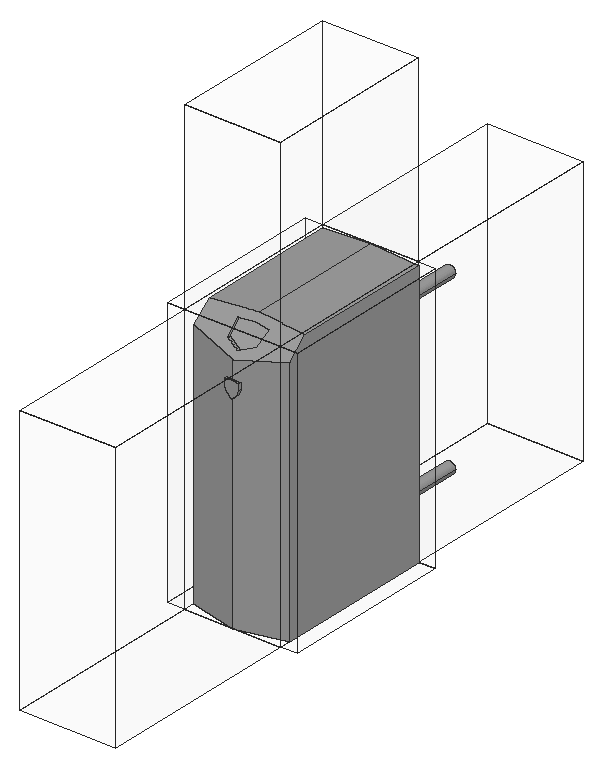
Revit family "Lectrus Boiler KEB0015-0150", category Mechanical Equipment, Revit 2019
Family settings
  Round Connector Dimension = Use Radius
  Part Type = Normal
  OmniClass Number = 23.65.35.11.17
  OmniClass Title = Thermodynamic Water Heaters
  Work Plane-Based = No
  Always vertical = Yes
  Cut with Voids When Loaded = No
  Shared = No
  Room Calculation Point = No
Parameters (values of type "KEB0015")
  Water Outlet Radius = 1"
  Water Inlet Radius = 1"
  WATER OUTLET SIZE = Water Outlet Radius * 2  # 2"
  WATER INLET SIZE = Water Inlet Radius * 2  # 2"
  Top Clearance = 32"
  SES BIM Studio # = "24 0649 01"
  Right Clearance = 3"
  M_Top of Box = 40 3/4"
  L_Drain Offset = 8 1/2"
  G_Water Outlet Height = 39 3/4"
  F_Water Outlet Offset = 3 1/4"
  Left Clearance = 3"
  J_Drain Height = 1 3/4"
  KW = "15"
  H_Water Inlet Height = 9"
  Front Clearance = 36"
  K_Water Inlet Offset = 3 1/4"
  Rear Clearance = 36"
  WIDTH = 16 3/4"
  URL = ""
  E_Box Depth = 6 1/4"
  Bottom of Box = 14"
  BTU/H HEATING = "51,180"
  600V-3PH MCA = "19"
  600V-3PH FLA = "15"
  480V-3PH MCA = "24"
  480V-3PH FLA = "19"
  240V-1PH MCA = "83"
  240V-1PH FLA = "66"
  Model = MODEL NO.  # "KEB0015"
  Manufacturer = "Lochinvar"
  MODEL NO. = "KEB0015"
  GALLON CAPACITY = "17"
  Clearance Visibility = yes
  D_Unit Depth = 30 1/4"
  HEIGHT = 47"
  Description = "Lectrus Commercial Electric Boiler"
  DEPTH = 41"
  Element Quantity = "1"
  208V-3PH MCA = "55"
  208V-3PH FLA = "44"
Types (11): name | M_Top of Box | L_Drain Offset | J_Drain Height | KW | K_Water Inlet Offset | WIDTH | BTU/H HEATING | 600V-3PH MCA | 600V-3PH FLA | 480V-3PH MCA | 480V-3PH FLA | 240V-1PH MCA | 240V-1PH FLA | Model | MODEL NO. | GALLON CAPACITY | D_Unit Depth | DEPTH | Element Quantity | 208V-3PH MCA | 208V-3PH FLA
  (no name) | 40 3/4" | 8 1/2" | 1 3/4" | "15" | 3 1/4" | 16 3/4" | "51,180" | "19" | "15" | "24" | "19" | "83" | "66" | "KEB0015" | "KEB0015" | "17" | 30 1/4" | 41" | "1" | "55" | "44"
  KEB0015 | 40 3/4" | 8 1/2" | 1 3/4" | "15" | 3 1/4" | 16 3/4" | "51,180" | "19" | "15" | "24" | "19" | "83" | "66" | "KEB0015" | "KEB0015" | "17" | 30 1/4" | 41" | "1" | "55" | "44"
  KEB0030 | 40 3/4" | 8 1/2" | 1 3/4" | "30" | 3 1/4" | 16 3/4" | "102,360" | "38" | "30" | "48" | "38" | "165" | "132" | "KEB0030" | "KEB0030" | "17" | 30 1/4" | 41" | "2" | "110" | "88"
  KEB0045 | 40 3/4" | 8 1/2" | 1 3/4" | "45" | 3 1/4" | 16 3/4" | "153,540" | "57" | "46" | "72" | "57" | "N/A" | "N/A" | "KEB0045" | "KEB0045" | "17" | 30 1/4" | 41" | "3" | "165" | "131"
  KEB0060 | 40 3/4" | 8 1/2" | 1 3/4" | "60" | 3 1/4" | 16 3/4" | "204,720" | "76" | "61" | "95" | "76" | "N/A" | "N/A" | "KEB0060" | "KEB0060" | "17" | 30 1/4" | 41" | "4" | "220" | "175"
  KEB0075 | 40 3/4" | 8 1/2" | 1 3/4" | "75" | 3 1/4" | 16 3/4" | "255,900" | "95" | "76" | "119" | "95" | "N/A" | "N/A" | "KEB0075" | "KEB0075" | "17" | 30 1/4" | 41" | "5" | "274" | "219"
  KEB0090 | 40 3/4" | 8 1/2" | 1 3/4" | "90" | 3 1/4" | 16 3/4" | "307,080" | "114" | "91" | "143" | "114" | "N/A" | "N/A" | "KEB0090" | "KEB0090" | "17" | 30 1/4" | 41" | "6" | "329" | "263"
  KEB0105 | 41 1/4" | 11 1/4" | 2 1/4" | "105" | 4 1/4" | 21 3/4" | "358,260" | "133" | "106" | "167" | "133" | "N/A" | "N/A" | "KEB0105" | "KEB0105" | "32" | 35 1/2" | 45 1/4" | "7" | "384" | "307"
  KEB0120 | 41 1/4" | 11 1/4" | 2 1/4" | "120" | 4 1/4" | 21 3/4" | "409,440" | "152" | "122" | "190" | "152" | "N/A" | "N/A" | "KEB0120" | "KEB0120" | "32" | 35 1/2" | 45 1/4" | "8" | "439" | "351"
  KEB0135 | 41 1/4" | 11 1/4" | 2 1/4" | "135" | 4 1/4" | 21 3/4" | "460,620" | "171" | "137" | "214" | "171" | "N/A" | "N/A" | "KEB0135" | "KEB0135" | "32" | 35 1/2" | 45 1/4" | "9" | "494" | "394"
  KEB0150 | 41 1/4" | 11 1/4" | 2 1/4" | "150" | 4 1/4" | 21 3/4" | "511,800" | "190" | "152" | "238" | "190" | "N/A" | "N/A" | "KEB0150" | "KEB0150" | "32" | 35 1/2" | 45 1/4" | "10" | "548" | "438"
Reference planes (in)
  plane 1: z = 0
  plane 2 "Center (Left/Right)": x = -1.39218
  plane 3 "Back": y = 17.375
  plane 4 "Unit Front": y = -12.875
  plane 5 "Unit Top": z = 47
  plane 6 "Unit Right": x = 6.98282
  plane 7 "Unit Left": x = -9.76718
  plane 8 "Water Inlet Height": z = 9
  plane 9 "Water Outlet Height": z = 39.75
  plane 10 "Drain Height": z = 1.75
  plane 11 "Drain CL": x = -1.51718
  plane 12 "Water Outlet CL": x = 3.73282
  plane 13 "Top Clearance": z = 79
  plane 14 "Back Clearance": y = 53.375
  plane 15 "Front Clearance": y = -48.875
  plane 16 "Water Inlet CL": x = 3.73282
  plane 17 "Left Clearance": x = -12.76718
  plane 18 "Right Clearance": x = 9.98282
  plane 19 "Pipe End": y = 28.125
  plane 20 "Box Back": y = 23.625
  plane 21 "Box Bottom": z = 14
  plane 22 "Box Top": z = 40.75
  plane 23 "Box Left": x = -8.76718
  plane 24 "Box Right": x = 1.73282
Forms (in)
  Extrusion 1, solid, material "Default"
    sketch origin (0, 0, 0) x (1, 0, 0) y (0, 1, 0)
      loop
        line (-9.76718, 17.375) -> (-9.76718, -12.875) -> (6.98282, -12.875) -> (6.98282, 17.375) -> (-9.76718, 17.375)
    from 0 to 47
  Extrusion 2, solid, material "Default"
    sketch origin (-9.76718, 17.375, 0) x (1, 0, 0) y (0, 0, -1)
      loop
        circle (13.5, -39.75) r 1
    from 0 to 10.75
  Extrusion 3, solid, material "Default"
    sketch origin (-9.76718, 17.375, 0) x (1, 0, 0) y (0, 0, -1)
      loop
        circle (13.5, -9) r 1
    from 0 to 10.75
  Extrusion 4, solid, material "Default"
    sketch origin (-7.02958, 17.375, 0.46157) x (1, 0, 0) y (0, 0, -1)
      loop
        circle (5.5124, -1.28843) r 0.375
    from 0 to 2
  Extrusion 5, solid, material "Default"
    sketch origin (-9.76718, 17.375, 0) x (1, 0, 0) y (0, 0, -1)
      loop
        line (11.5, -40.75) -> (11.5, -14) -> (1, -14) -> (1, -40.75) -> (11.5, -40.75)
    from 0 to 6.25
  Extrusion 6, void
    sketch origin (0, 0, 0) x (1, 0, 0) y (0, 1, 0)
      loop
        line (-9.76718, -12.875) -> (-1.39218, -12.875) -> (-9.76718, -10.875) -> (-9.76718, -12.875)
    from 0 to 47
  Extrusion 7, void
    sketch origin (0, 0, 0) x (1, 0, 0) y (0, 1, 0)
      loop
        line (6.98282, -12.875) -> (6.98282, -10.875) -> (-1.39218, -12.875) -> (6.98282, -12.875)
    from 0 to 47
  Extrusion 8, void
    sketch origin (6.98282, 0, 0) x (0, -1, 0) y (0, 0, 1)
      loop
        line (12.875, 47) -> (6.875, 47) -> (12.875, 42) -> (12.875, 47)
    from 0 to 16.75
  Extrusion 9, void
    sketch origin (0, 17.375, 0) x (1, 0, 0) y (0, 0, 1)
      loop
        line (6.98282, 47) -> (-1.39218, 47) -> (6.98282, 46.5) -> (6.98282, 47)
    from 0 to 30.25
  Extrusion 10, void
    sketch origin (0, 17.375, 0) x (1, 0, 0) y (0, 0, 1)
      loop
        line (-9.76718, 47) -> (-9.76718, 46.5) -> (-1.39218, 47) -> (-9.76718, 47)
    from 0 to 30.25
  Extrusion 11, solid, material "Default"
    sketch origin (0, -12.875, -1) x (1, 0, 0) y (0, 0, 1)
      loop
        line (-0.19218, 39.8224) -> (-1.39218, 40.05566) -> (-2.59218, 39.8224) -> (-2.59218, 38.63551)
        arc (-2.59218, 38.63551) -> (-2.16735, 37.71253) -> (-1.39218, 37.05566) r 2.34662
        arc (-1.39218, 37.05566) -> (-0.61701, 37.71253) -> (-0.19218, 38.63551) r 2.34662
        line (-0.19218, 38.63551) -> (-0.19218, 39.8224)
    from 0.125 to -0.5
  Extrusion 12, void
    sketch origin (0, -12.875, 0) x (1, 0, 0) y (0, 0, 1)
      loop
        line (-1.39218, 46) -> (-4.16776, 45.80591) -> (-3.95898, 43.81945) -> (-1.39218, 42.93563) -> (1.17462, 43.81945) -> (1.3834, 45.80591) -> (-1.39218, 46)
    from 0 to -6
  Extrusion 13, solid, material "Default"
    sketch origin (-1.39218, 0, 0) x (0, 1, 0) y (0, 0, 1)
      loop
        line (-6.875, 46) -> (-7.575, 46) -> (-11.25224, 42.93563) -> (-6.875, 42.93563) -> (-6.875, 46)
    from 3 to -3
  Extrusion 14, solid, material "Clearance", visible <- "Clearance Visibility"
    sketch origin (0, 0, 0) x (1, 0, 0) y (0, 1, 0)
      loop
        line (-9.76718, -12.875) -> (-9.76718, -48.875) -> (6.98282, -48.875) -> (6.98282, -12.875) -> (-9.76718, -12.875)
    from 0 to 47
  Extrusion 15, solid, material "Clearance", visible <- "Clearance Visibility"
    sketch origin (0, 0, 0) x (1, 0, 0) y (0, 1, 0)
      loop
        line (-12.76718, 17.375) -> (-12.76718, -12.875) -> (-9.76718, -12.875) -> (-9.76718, 17.375) -> (-12.76718, 17.375)
    from 0 to 47
  Extrusion 16, solid, material "Clearance", visible <- "Clearance Visibility"
    sketch origin (0, 0, 0) x (1, 0, 0) y (0, 1, 0)
      loop
        line (6.98282, 17.375) -> (6.98282, -12.875) -> (9.98282, -12.875) -> (9.98282, 17.375) -> (6.98282, 17.375)
    from 0 to 47
  Extrusion 17, solid, material "Clearance", visible <- "Clearance Visibility"
    sketch origin (0, 0, 0) x (1, 0, 0) y (0, 1, 0)
      loop
        line (-9.76718, 17.375) -> (6.98282, 17.375) -> (6.98282, 53.375) -> (-9.76718, 53.375) -> (-9.76718, 17.375)
    from 0 to 47
  Extrusion 18, solid, material "Clearance", visible <- "Clearance Visibility"
    sketch origin (0, 0, 47) x (-1, 0, 0) y (0, -1, 0)
      loop
        line (9.76718, -17.375) -> (9.76718, 12.875) -> (-6.98282, 12.875) -> (-6.98282, -17.375) -> (9.76718, -17.375)
    from 0 to 32
Cuts and joins
  Extrusion 6, Extrusion 7, Extrusion 8, Extrusion 9, Extrusion 10, Extrusion 12 cuts Extrusion 1
  joined: Extrusion 1, Extrusion 11, Extrusion 13
Dimensions and locks (in)
  "D_Unit Depth": plane 4 "Unit Front" to plane 3 "Back"
  "WIDTH": plane 7 "Unit Left" to plane 6 "Unit Right"
  equal spacing: plane 7 "Unit Left", plane 2 "Center (Left/Right)", plane 6 "Unit Right"
  "HEIGHT": plane 5 "Unit Top" to plane 1
  "F_Water Outlet Offset": plane 12 "Water Outlet CL" to plane 6 "Unit Right"
  "K_Water Inlet Offset": plane 16 "Water Inlet CL" to plane 6 "Unit Right"
  "G_Water Outlet Height": plane 1 to plane 9 "Water Outlet Height"
  "H_Water Inlet Height": plane 1 to plane 8 "Water Inlet Height"
  "L_Drain Offset": plane 11 "Drain CL" to plane 6 "Unit Right"
  "J_Drain Height": plane 1 to plane 10 "Drain Height"
  "DEPTH": plane 4 "Unit Front" to plane 19 "Pipe End"
  "E_Box Depth": plane 3 "Back" to plane 20 "Box Back"
  "M_Top of Box": plane 1 to plane 22 "Box Top"
  "Bottom of Box": plane 1 to plane 21 "Box Bottom"
  locked: plane 7 "Unit Left" to plane 23 "Box Left" at 1
  locked: plane 23 "Box Left" to plane 24 "Box Right" at 10.5
  locked: plane 2 "Center (Left/Right)" to Extrusion 11 sketch curve at 1.2
  locked: Extrusion 11 sketch curve to plane 2 "Center (Left/Right)" at 1.2
  locked: plane 2 "Center (Left/Right)" to Extrusion 12 sketch curve at 2.77558
  locked: Extrusion 12 sketch curve to plane 2 "Center (Left/Right)" at 2.77558
  locked: plane 2 "Center (Left/Right)" to Extrusion 12 sketch curve at 2.5668
  locked: Extrusion 12 sketch curve to plane 2 "Center (Left/Right)" at 2.5668
  "Front Clearance": plane 15 "Front Clearance" to plane 4 "Unit Front"
  "Rear Clearance": plane 3 "Back" to plane 14 "Back Clearance"
  "Right Clearance": plane 6 "Unit Right" to plane 18 "Right Clearance"
  "Left Clearance": plane 17 "Left Clearance" to plane 7 "Unit Left"
  "Top Clearance": plane 5 "Unit Top" to plane 13 "Top Clearance"
  "Water Inlet Radius": radius of Extrusion 3 sketch curve
  "Water Outlet Radius": radius of Extrusion 2 sketch curve
  aligned and locked: plane 3 "Back" to Extrusion 1 sketch curve
  aligned and locked: plane 7 "Unit Left" to Extrusion 1 sketch curve
  aligned and locked: Extrusion 1 sketch curve to plane 4 "Unit Front"
  aligned and locked: plane 6 "Unit Right" to Extrusion 1 sketch curve
  aligned and locked: plane 5 "Unit Top" to Extrusion 1
  aligned and locked: plane 12 "Water Outlet CL" to Extrusion 2 sketch curve
  aligned and locked: plane 9 "Water Outlet Height" to Extrusion 2 sketch curve
  aligned and locked: plane 16 "Water Inlet CL" to Extrusion 3 sketch curve
  aligned and locked: plane 8 "Water Inlet Height" to Extrusion 3 sketch curve
  aligned and locked: plane 11 "Drain CL" to Extrusion 4 sketch curve
  aligned and locked: plane 10 "Drain Height" to Extrusion 4 sketch curve
  aligned and locked: plane 19 "Pipe End" to Extrusion 2
  aligned and locked: plane 19 "Pipe End" to Extrusion 3
  aligned and locked: plane 20 "Box Back" to Extrusion 5
  aligned and locked: Extrusion 5 to plane 21 "Box Bottom"
  aligned and locked: plane 22 "Box Top" to Extrusion 5
  aligned and locked: Extrusion 5 to plane 23 "Box Left"
  aligned and locked: plane 24 "Box Right" to Extrusion 5
  aligned and locked: plane 5 "Unit Top" to Extrusion 7
  aligned and locked: plane 5 "Unit Top" to Extrusion 6
  aligned and locked: Extrusion 8 to plane 7 "Unit Left"
  aligned and locked: plane 4 "Unit Front" to Extrusion 9
  aligned and locked: plane 4 "Unit Front" to Extrusion 10
  aligned and locked: plane 4 "Unit Front" to Extrusion 14 sketch curve
  aligned and locked: plane 7 "Unit Left" to Extrusion 14 sketch curve
  aligned and locked: plane 15 "Front Clearance" to Extrusion 14 sketch curve
  aligned and locked: plane 6 "Unit Right" to Extrusion 14 sketch curve
  aligned and locked: plane 5 "Unit Top" to Extrusion 14
  aligned and locked: plane 3 "Back" to Extrusion 15 sketch curve
  aligned and locked: plane 17 "Left Clearance" to Extrusion 15 sketch curve
  aligned and locked: Extrusion 14 to Extrusion 15 sketch curve
  aligned and locked: Extrusion 15 sketch curve to Extrusion 14
  aligned and locked: plane 5 "Unit Top" to Extrusion 15
  aligned and locked: Extrusion 16 sketch curve to cut or joined group of Extrusion 1, Extrusion 6, Extrusion 7, Extrusion 8, Extrusion 9, Extrusion 10, Extrusion 11, Extrusion 12, Extrusion 13  (x2)
  aligned and locked: Extrusion 16 sketch curve to plane 4 "Unit Front"
  aligned and locked: plane 18 "Right Clearance" to Extrusion 16 sketch curve
  aligned and locked: plane 5 "Unit Top" to Extrusion 16
  aligned and locked: Extrusion 17 sketch curve to Extrusion 15  (x2)
  aligned and locked: plane 14 "Back Clearance" to Extrusion 17 sketch curve
  aligned and locked: Extrusion 17 sketch curve to plane 6 "Unit Right"
  aligned and locked: plane 5 "Unit Top" to Extrusion 17
  aligned and locked: Extrusion 18 sketch curve to Extrusion 15  (x2)
  aligned and locked: Extrusion 18 sketch curve to Extrusion 16  (x2)
  aligned and locked: plane 13 "Top Clearance" to Extrusion 18
Automatic sketch dimensions
  Extrusion 5 sketch curve to Extrusion 1 = 1"
  Extrusion 5 sketch curve to Extrusion 1 = 5 1/4"
  Extrusion 1 to Extrusion 5 sketch curve = 6 1/4"
  Extrusion 1 to Extrusion 5 sketch curve = 14"
  Extrusion 6 sketch curve to plane 7 "Unit Left" = 0"
  Extrusion 6 sketch curve to plane 2 "Center (Left/Right)" = 0"
  plane 4 "Unit Front" to Extrusion 6 sketch curve = 0"
  Extrusion 6 sketch curve to Extrusion 6 sketch curve = 2"
  Extrusion 7 sketch curve to plane 2 "Center (Left/Right)" = 0"
  Extrusion 7 sketch curve to plane 6 "Unit Right" = 0"
  plane 4 "Unit Front" to Extrusion 7 sketch curve = 0"
  Extrusion 7 sketch curve to Extrusion 7 sketch curve = 2"
  Extrusion 10 sketch curve to plane 7 "Unit Left" = 0"
  Extrusion 10 sketch curve to plane 2 "Center (Left/Right)" = 0"
  Extrusion 10 sketch curve to plane 5 "Unit Top" = 0"
  Extrusion 10 sketch curve to Extrusion 10 sketch curve = 1/2"
  Extrusion 9 sketch curve to plane 2 "Center (Left/Right)" = 0"
  plane 6 "Unit Right" to Extrusion 9 sketch curve = 0"
  Extrusion 9 sketch curve to plane 5 "Unit Top" = 0"
  Extrusion 9 sketch curve to plane 5 "Unit Top" = 1/2"
  Extrusion 8 sketch curve to plane 5 "Unit Top" = 0"
  Extrusion 8 sketch curve to plane 4 "Unit Front" = 0"
  Extrusion 8 sketch curve to Extrusion 8 sketch curve = 6"
  plane 22 "Box Top" to Extrusion 8 sketch curve = 1 1/4"
  Extrusion 11 sketch curve to plane 2 "Center (Left/Right)" = 0"  (x2)
  Extrusion 11 sketch curve to plane 9 "Water Outlet Height" = 0.9276"  (x2)
  Extrusion 11 sketch curve to Extrusion 11 sketch curve = 0.10649"  (x2)
  Extrusion 11 sketch curve to plane 9 "Water Outlet Height" = 1.61808"  (x2)
  Extrusion 11 sketch curve to Extrusion 11 sketch curve = 0.49641"
  Extrusion 11 sketch curve to plane 9 "Water Outlet Height" = 0.69434"
  Extrusion 12 sketch curve to plane 2 "Center (Left/Right)" = 0"  (x2)
  Extrusion 12 sketch curve to plane 5 "Unit Top" = 1.19409"  (x2)
  Extrusion 12 sketch curve to Extrusion 12 sketch curve = 1.98646"  (x2)
  plane 22 "Box Top" to Extrusion 12 sketch curve = 2.18563"
  Extrusion 12 sketch curve to plane 5 "Unit Top" = 1"
  Extrusion 13 sketch curve to plane 4 "Unit Front" = 1.62276"
  Extrusion 13 sketch curve to Extrusion 13 sketch curve = 0.7"
  Extrusion 13 sketch curve to plane 5 "Unit Top" = 1"
  Extrusion 13 sketch curve to Extrusion 13 sketch curve = 3.67724"
  plane 22 "Box Top" to Extrusion 13 sketch curve = 2.18563"
  radius of Extrusion 4 sketch curve = 3/8"
Connectors (in)
  piping at (3.73282, 28.125, 9), diameter 2, driven by "Water Inlet Radius"
    settings: on Extrusion 3, index 1, connector inside diameter 24", connector length 0", flow factor 0, pipe flow 0 GPM, pressure drop 0.00 psi, fitting loss kfactor 0, connector angle 0.00°, fixture units 0, engagement length 0", angle of deflection 0.00°, flow configuration 0, flow direction 1, fitting loss method 0, system type 20, joint type 0, gender type 0, connector reference index -1, connector utility 0, adjustable connector no, is connector primary yes, connector description "Cold Water Inlet"
  piping at (3.73282, 28.125, 39.75), diameter 2, driven by "Water Outlet Radius"
    settings: on Extrusion 2, index 2, connector inside diameter 24", connector length 0", flow factor 0, pipe flow 0 GPM, pressure drop 0.00 psi, fitting loss kfactor 0, connector angle 0.00°, fixture units 0, engagement length 0", angle of deflection 0.00°, flow configuration 0, flow direction 2, fitting loss method 0, system type 19, joint type 0, gender type 0, connector reference index -1, connector utility 0, adjustable connector no, is connector primary no, connector description "Hot Water Outlet"
  piping at (-1.51718, 19.375, 1.75), diameter 0.75
    settings: on Extrusion 4, index 3, connector inside diameter 24", connector length 0", flow factor 0, pipe flow 0 GPM, pressure drop 0.00 psi, fitting loss kfactor 0, connector angle 0.00°, fixture units 0, engagement length 0", angle of deflection 0.00°, flow configuration 0, flow direction 2, fitting loss method 0, system type 16, joint type 0, gender type 0, connector reference index -1, connector utility 0, adjustable connector no, is connector primary no, connector description "Drain"
